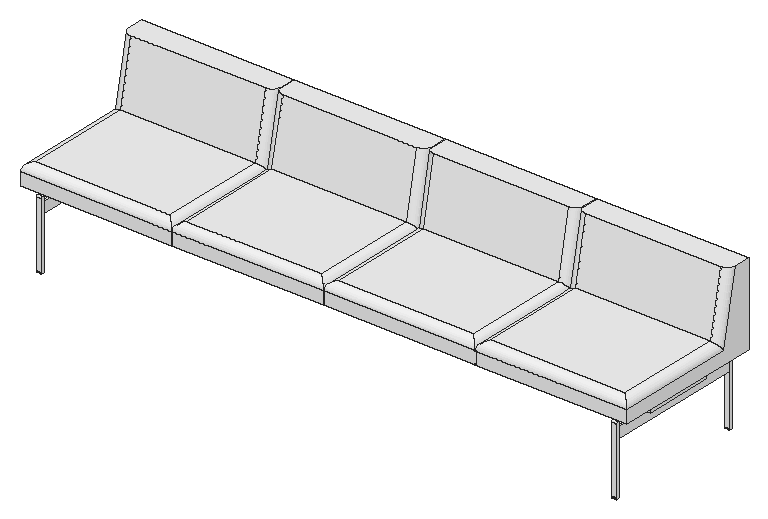
Revit family "FU_LAPSE 0040", category Furniture, Revit 2017
Family settings
  OmniClass Number = 23.40.20.00
  OmniClass Title = General Furniture and Specialties
  Work Plane-Based = No
  Always vertical = Yes
  Cut with Voids When Loaded = No
  Shared = No
  Room Calculation Point = No
Reference planes
  plane 1 "Center (Front/Back)": y = 0
  plane 2: z = 0
  plane 3 "Center (Left/Right)": x = 0
Dimensions and locks
  aligned and locked: level to plane 2
Nested families
  nested 1: "FU_LAPSE 0020 FRAME" at (0, 0, 0), type "FU_LAPSE 0020 FRAME"
    with Frame Width 2730 mm
  nested 2: "FU_LAPSE 0200TA-Upholstered Seat" at (-1080, 0, 350), type "FU_LAPSE 0200TA-Upholstered Seat"
  nested 3: "FU_LAPSE 0200TA-Upholstered Seat" at (-360, 0, 350), type "FU_LAPSE 0200TA-Upholstered Seat"
  nested 4: "FU_LAPSE 0200TA-Upholstered Seat" at (360, 0, 350), type "FU_LAPSE 0200TA-Upholstered Seat"
  nested 5: "FU_LAPSE 0200TA-Upholstered Seat" at (1080, 0, 350), type "FU_LAPSE 0200TA-Upholstered Seat"
Definition of nested family "FU_LAPSE 0020 FRAME"
  Parameters (values of type "FU_LAPSE 0020 FRAME")
    Material = none
    Frame Width = 1290 mm
  Reference planes
    plane 1 "Center (Front/Back)": y = 0
    plane 2: z = 0
    plane 3 "Center (Left/Right)": x = 0
    plane 4: x = -645
    plane 5: x = 645
    plane 6: z = 350
    plane 7: y = -340
    plane 8: y = -330
    plane 9: z = 2.5
    plane 10: y = 165
    plane 11: y = -165
    plane 12: x = -675
    plane 13: x = 675
    plane 14: y = 155
    plane 15: x = -665
    plane 16: y = -155
    plane 17: x = 665
  Forms (mm)
    Extrusion 1, solid, material <- "Material"
      sketch origin (0, 0, 0) x (1, 0, 0) y (0, 1, 0)
        loop
          line (675, 165) -> (-675, 165) -> (-675, -165) -> (675, -165) -> (675, 165)
        loop
          line (-665, 155) -> (-665, -155) -> (665, -155) -> (665, 155) -> (-665, 155)
      from 295 to 350
  Dimensions and locks
    plane 3 "Center (Left/Right)" to plane 4 = 645 mm
    equal spacing: plane 4, plane 3 "Center (Left/Right)", plane 5
    "Frame Width": plane 4 to plane 5
    plane 12 to plane 15 to plane 4 = 10 mm locked, 20 mm locked
    plane 5 to plane 17 to plane 13 = 20 mm locked, 10 mm locked
    aligned and locked: level to plane 2
    aligned and locked: plane 4 to nested 1
    aligned and locked: plane 1 "Center (Front/Back)" to nested 1
    aligned and locked: nested 2 to plane 5
    aligned and locked: plane 1 "Center (Front/Back)" to nested 2
  Automatic sketch dimensions
    plane 10 to Extrusion 1 sketch curve = 0 mm
    Extrusion 1 sketch curve to plane 12 = 0 mm
    Extrusion 1 sketch curve to plane 15 = 0 mm
    plane 14 to Extrusion 1 sketch curve = 0 mm
    Extrusion 1 sketch curve to plane 17 = 0 mm
    Extrusion 1 sketch curve to plane 13 = 0 mm
    plane 11 to Extrusion 1 sketch curve = 0 mm
    plane 16 to Extrusion 1 sketch curve = 0 mm
  Nested families
    nested 1: "FU_LAPSE_FRAME 1" at (-645, 0, 0), type "FU_LAPSE_FRAME 1"
    nested 2: "FU_LAPSE_FRAME 1" at (645, 0, 0), type "FU_LAPSE_FRAME 1"
  Definition of nested family "FU_LAPSE_FRAME 1"
    Parameters (values of type "FU_LAPSE_FRAME 1")
      Material = none
    Reference planes
      plane 1 "Center (Front/Back)": y = 0
      plane 2: z = 0
      plane 3 "Center (Left/Right)": x = 0
    Forms (mm)
      Extrusion 1, solid, material <- "Material"
        sketch origin (0, 0, 0) x (0, 1, 0) y (0, 0, 1)
          loop
            arc (-330, 320) -> (-335, 325) -> (-340, 320) r 5
            line (-340, 320) -> (-340, 5)
            arc (-340, 5) -> (-340.732, 3.232) -> (-342.5, 2.5) r 2.5
            line (-342.5, 2.5) -> (-342.5, 0) -> (-327.5, 0) -> (-327.5, 2.5)
            arc (-327.5, 2.5) -> (-329.268, 3.232) -> (-330, 5) r 2.5
            line (-330, 5) -> (-330, 320)
        from 12.5 to -12.5
      Extrusion 2, solid, material <- "Material"
        sketch origin (0, 0, 0) x (0, -1, 0) y (0, 0, -1)
          loop
            line (-330, -320) -> (-330, -5)
            arc (-330, -5) -> (-329.268, -3.232) -> (-327.5, -2.5) r 2.5
            line (-327.5, -2.5) -> (-327.5, 0) -> (-342.5, 0) -> (-342.5, -2.5)
            arc (-342.5, -2.5) -> (-340.732, -3.232) -> (-340, -5) r 2.5
            line (-340, -5) -> (-340, -320)
            arc (-340, -320) -> (-335, -325) -> (-330, -320) r 5
        from 12.5 to -12.5
      Extrusion 3, solid, material <- "Material"
        sketch origin (0, 0, 0) x (0, 1, 0) y (0, 0, 1)
          loop
            line (330, 295) -> (-330, 295) -> (-330, 245) -> (330, 245) -> (330, 295)
        from 5 to -5
    Dimensions and locks
      aligned and locked: level to plane 2
      aligned and locked: Extrusion 3 sketch curve to Extrusion 2
Definition of nested family "FU_LAPSE 0200TA-Upholstered Seat"
  Parameters (values of type "FU_LAPSE 0200TA-Upholstered Seat")
    Material = none
  Reference planes
    plane 1 "Center (Front/Back)": y = 0
    plane 2: z = 0
    plane 3 "Center (Left/Right)": x = 0
    plane 4: x = -360
    plane 5: x = 360
    plane 6: y = -360
    plane 7: y = 360
    plane 8: z = 390
    plane 9: y = 245
    plane 10: z = 100
    plane 11: y = 185
  Forms (mm)
    Extrusion 1, solid, material <- "Material"
      sketch origin (0, 0, 0) x (0, 1, 0) y (0, 0, 1)
        loop
          line (360, 390) -> (245, 390) -> (185, 100) -> (-360, 100) -> (-360, 0) -> (360, 0) -> (360, 390)
      from -360 to 360
    Sweep 2, void
      path origin (-360, 0, 0) x (0, 1, 0) y (0, 0, 1)
        loop
          line (253.886, 432.949) -> (185, 100) -> (-360, 100)
      profile origin (-360, 219.443, 266.474) x (0, 0.97926, -0.202606) y (1, 0, 0)
        loop
          line (0, 0) -> (40, 0)
          arc (40, 0) -> (11.716, 11.716) -> (0, 40) r 40
          line (0, 40) -> (0, 0)
    Sweep 3, void
      path origin (360, 0, 0) x (0, 1, 0) y (0, 0, -1)
        loop
          line (253.886, -432.949) -> (185, -100) -> (-360, -100)
      profile origin (360, 219.443, 266.474) x (0, -0.97926, 0.202606) y (-1, 0, 0)
        loop
          line (0, 0) -> (0, 40)
          arc (0, 40) -> (-11.716, 11.716) -> (-40, 0) r 40
          line (-40, 0) -> (0, 0)
    Sweep 4, void
      path origin (0, -360, 0) x (0, 0, 1) y (-1, 0, 0)
        loop
          line (100, -385) -> (100, 460)
      profile origin (-37.5, -360, 100) x (0, 0, -1) y (0, -1, 0)
        loop
          line (0, 0) -> (0, -40)
          arc (0, -40) -> (11.716, -11.716) -> (40, 0) r 40
          line (40, 0) -> (0, 0)
  Cuts and joins
    Sweep 2, Sweep 3, Sweep 4 cuts Extrusion 1
  Dimensions and locks
    equal spacing: plane 4, plane 3 "Center (Left/Right)", plane 5
    equal spacing: plane 7, plane 1 "Center (Front/Back)", plane 6
    plane 7 to plane 6 = 720 mm
    plane 4 to plane 5 = 720 mm
    plane 8 to level = 390 mm
    aligned and locked: level to plane 2
    aligned and locked: plane 10 to Extrusion 1 sketch curve
  Automatic sketch dimensions
    Extrusion 1 sketch curve to plane 6 = 0 mm
    Extrusion 1 sketch curve to plane 11 = 0 mm
    Extrusion 1 sketch curve to plane 8 = 0 mm
    Extrusion 1 sketch curve to plane 9 = 0 mm
    Extrusion 1 sketch curve to plane 7 = 0 mm
    Extrusion 1 sketch curve to level = 0 mm
    Sweep 2 sketch curve to Extrusion 1 = 0 mm  (x2)
    Extrusion 1 to Sweep 2 sketch curve = 0 mm  (x2)
    Sweep 2 sketch curve to Extrusion 1 = 42.949 mm
    Sweep 2 sketch curve to profile plane = 0 mm  (x2)
    Sweep 2 sketch curve to profile plane = 40 mm
    Sweep 3 sketch curve to plane 6 = 0 mm
    Sweep 3 sketch curve to plane 10 = 0 mm
    Sweep 3 sketch curve to plane 11 = 0 mm
    plane 9 to Sweep 3 sketch curve = 8.886 mm
    plane 8 to Sweep 3 sketch curve = 42.949 mm
    Sweep 3 sketch curve to profile plane = 0 mm
    profile plane to Sweep 3 sketch curve = 0 mm
    profile plane to Sweep 3 sketch curve = 40 mm
    Sweep 4 sketch curve to profile plane = 0 mm  (x2)
    Sweep 4 sketch curve to profile plane = 40 mm
    Sweep 4 sketch curve to Extrusion 1 = 0 mm
    Sweep 4 sketch curve to Extrusion 1 = 25 mm
    Sweep 4 sketch curve to Extrusion 1 = 100 mm
